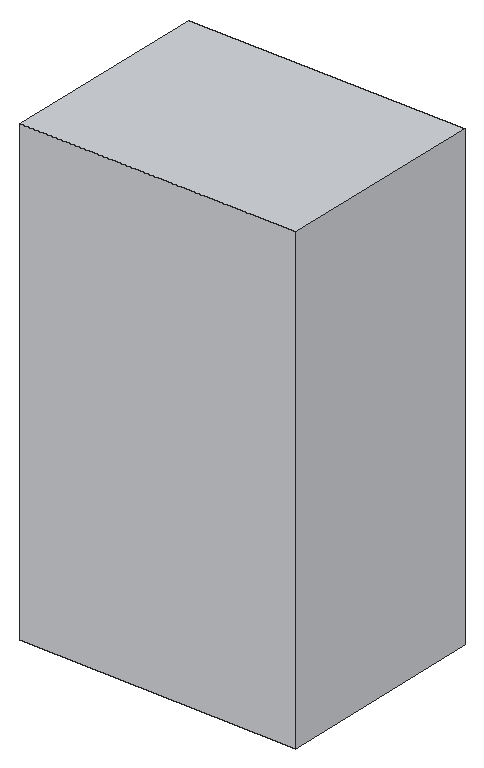
Revit family
Parameters
  Warranty Duration (Years) = 0
  Unit Length [instance] = 1' - 6"
  URL = "http://www.americanspecialties.com/viewCategories.cfm"
  Hook [instance] = Metal - Stainless Steel
  Test Data = ""
  Specification = "http://www.arcat.com/sdspecs/htm/10810asi.htm"
  SpecWizard = ""
  Send Message = "http://www.arcat.com/users.pl?action=UserEmail&company=American%20Specialties,%20Inc.&coid=30448&rep=139&fax=914-476-0688&mf="
  Sales Information = "http://www.americanspecialties.com/contact"
  Revision = "R1_10-2010"
  Product Properties = "http://www.americanspecialties.com/datasheets/7345.pdf"
  Product Data = "http://www.arcat.com/arcatcos/cos30/arc30448.html"
  Model = "As Specified in 10 28 13"
  Manufacturer Website = "http://www.americanspecialties.com/viewCategories.cfm"
  Manufacturer Phone - Toll Free = ""
  Manufacturer Phone = "914-476-9000 "
  Manufacturer Fax = "914-476-0688"
  Manufacturer Address = "441 Saw Mill River Rd., Yonkers, NY 10701"
  Manufacturer = "American Specialties, Inc."
  Maintenance Schedule (Months) = 0
  Keynote = "10 28 13"
  Installation-Fabrication = "http://www.americanspecialties.com/products.cfm"
  Green Building-LEED = ""
  Expected Lifespan (Years) = 0
  Drawn By = "Robert S. Weygant. CSI, CDT, SCIP"  # constant formula
  Description = "Toilet Accessory as Specified in 10 28 13"
  Default Elevation = 4' - 0"
  Copyright = "©Arcat Inc."
  Construction Details = "http://www.arcat.com/green/clients/leed_data_30448.html"
  Building Codes = "http://www.americanspecialties.com/products.cfm"
  Assembly Code = "C1030210"
Reference planes (in)
  plane 1 "Center (Front/Back)": y = -0.29112
  plane 2 "Floor Line": z = 0
  plane 3 "Center (Left/Right)": x = -0.65843
  plane 4: z = 0.4375
  plane 5: x = -1.65843
  plane 6: x = 0.34157
  plane 7: y = 0.70888
  plane 8: y = -1.29112
  plane 9: x = -0.40843
  plane 10: x = -0.90843
  plane 11: y = 0.33388
  plane 12: y = -0.91612
  plane 13: z = 1.53895
  plane 14: y = -0.04112
  plane 15: y = -0.54112
  plane 16: z = 1.625
Forms (in)
  Extrusion 1, solid
    sketch origin (-3, -9, -6) x (0, 0, -1) y (1, 0, 0)
      loop
        line (-82, 26) -> (-82, -19.34712) -> (-6, -19.34712) -> (-6, 26) -> (-82, 26)
    from 9 to -25.60721
  Extrusion 2, solid, material "Metal - Stainless Steel" <- "Hook"
    sketch origin (-14.32416, 1.98146, 0) x (-1, 0, 0) y (0, -1, 0)
      loop
        line (-14.54073, 1.27258) -> (-12.79073, 1.27258)
        arc (-12.79073, 1.27258) -> (-12.70234, 1.30919) -> (-12.66573, 1.39758) r 0.125
        line (-12.66573, 1.39758) -> (-12.66573, 3.14758)
        arc (-12.66573, 3.14758) -> (-12.70234, 3.23597) -> (-12.79073, 3.27258) r 0.125
        line (-12.79073, 3.27258) -> (-14.54073, 3.27258)
        arc (-14.54073, 3.27258) -> (-14.62912, 3.23597) -> (-14.66573, 3.14758) r 0.125
        line (-14.66573, 3.14758) -> (-14.66573, 1.39758)
        arc (-14.66573, 1.39758) -> (-14.62912, 1.30919) -> (-14.54073, 1.27258) r 0.125
    from 0 to 0.4375
  Extrusion 3, solid, material "Metal - Stainless Steel" <- "Hook"
    sketch origin (-10.31687, 0, 0) x (-1, 0, 0) y (0, -1, 0)
      loop
        line (-9.90843, 0.04112) -> (-9.40843, 0.04112) -> (-9.40843, 0.54112) -> (-9.90843, 0.54112) -> (-9.90843, 0.04112)
    from 0.4375 to 1.53895
  Extrusion 4, solid, material "Metal - Stainless Steel" <- "Hook"
    sketch origin (0, 0.04604, 0) x (1, 0, 0) y (0, 1, 0)
      loop
        arc (-2.49033, -0.74449) -> (-2.46059, -0.80017) -> (-2.4037, -0.82753) r 0.10156
        arc (-2.4037, -0.82753) -> (-0.65843, -0.94311) -> (1.08683, -0.82753) r 13.23438
        arc (1.08683, -0.82753) -> (1.14372, -0.80017) -> (1.17346, -0.74449) r 0.10156
        line (1.17346, -0.74449) -> (1.31712, 0.07024)
        arc (1.31712, 0.07024) -> (1.29011, 0.15848) -> (1.20282, 0.18843) r 0.10156
        arc (1.20282, 0.18843) -> (-0.65782, 0.0569) -> (-2.51847, 0.18825) r 13.23551
        arc (-2.51847, 0.18825) -> (-2.60652, 0.15803) -> (-2.63377, 0.06902) r 0.10246
        line (-2.63377, 0.06902) -> (-2.49033, -0.74449)
    from 1.44123 to 1.83491
  Extrusion 5, void
    sketch origin (0, -0.29112, 0) x (1, 0, 0) y (0, 0, 1)
      loop
        arc (-2.64297, 1.50326) -> (-0.65843, 1.625) -> (1.32611, 1.50328) r 16.23783
        line (1.32611, 1.50328) -> (1.41177, 1.68698) -> (1.41177, 1.89355) -> (-2.72864, 1.89355) -> (-2.72864, 1.68698) -> (-2.64297, 1.50326)
    from -0.625 to 0.625
  Extrusion 6, void
    sketch origin (0, -0.29112, 0) x (1, 0, 0) y (0, 0, 1)
      loop
        arc (1.30961, 1.44234) -> (-0.65833, 1.5625) -> (-2.62628, 1.44234) r 16.17533
        line (-2.62628, 1.44234) -> (-2.66752, 1.44234) -> (-2.66752, 1.3866) -> (1.35065, 1.3866) -> (1.35065, 1.44234) -> (1.30961, 1.44234)
    from -0.625 to 0.625
Cuts and joins
  Extrusion 5, Extrusion 6 cuts Extrusion 4
Dimensions and locks (in)
  aligned and locked: plane 4 to Extrusion 2
  aligned and locked: Extrusion 3 to plane 4
  aligned and locked: Extrusion 2 to plane 5
  aligned and locked: plane 6 to Extrusion 2
  aligned and locked: Extrusion 2 to plane 7
  aligned and locked: plane 8 to Extrusion 2
  aligned and locked: Extrusion 3 to plane 10  (x2)
  aligned and locked: plane 9 to Extrusion 3  (x2)
  aligned and locked: plane 4 to Extrusion 3
  aligned and locked: Extrusion 2 to plane 4
  aligned and locked: Extrusion 3 to plane 14
  aligned and locked: plane 15 to Extrusion 3
  aligned and locked: Extrusion 5 to plane 11
  aligned and locked: plane 12 to Extrusion 5
  aligned and locked: Extrusion 6 to plane 11
  aligned and locked: plane 12 to Extrusion 6
  aligned and locked: plane 13 to Extrusion 3
